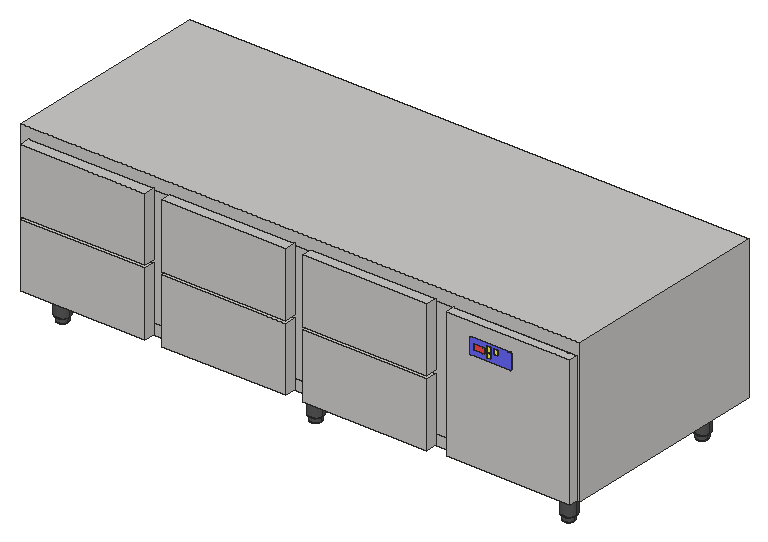
Revit family "QF_CAPIC_REF_W293117", category Equipement spécialisé, Revit 2018
Family settings
  Cote de connecteur circulaire = Utiliser le diamètre
  Type d'élément = Normal
  Numéro OmniClass = 23.40.40.14
  Titre OmniClass = Food Service Equipment
  Basée sur le plan de construction = Non
  Toujours verticalement = Oui
  Couper avec des vides une fois chargée = Non
  Partagée = Non
  Point de calcul de pièce = Non
Parameters (values of type "L=2000mm")
  URL catalogue = "http://www.capic-fr.com/fr/"
  Type de Raccord Plomberie [instance] = ""
  Type de Raccord Electrique [instance] = "Bornier interne"
  Type de Gaz = ""
  Type article [instance] = ""
  Tension = 230 V
  Spécification du Fabricant = ""
  Show Logo = yes
  Remarques evacuation [instance] = "ecoulement condensat sous le meuble"
  Remarques Plomberie [instance] = ""
  Remarques Electricité [instance] = "230V x1 +T"
  Puissance électrique  = 860 W
  Puissance Gaz kW = 0
  Profondeur hors tout = 755 mm
  Pression Maximum Eau Adoucie = 0.0 Pa
  Poids net à vide = 200.00 kg
  Phase = 1
  Modèle = "W293117"
  Longueur hors tout = 2000 mm
  Intensité nominale = 0 A
  Hauteur hors tout = 630 mm
  Hauteur de Raccordement du Sol Finis = 195 mm
  Hauteur de Raccordement Gaz du Sol Finis = 0 mm
  Hauteur de Raccordement Evacuation Directe du Sol Finis = 0 mm
  Hauteur de Raccordement Eau Froide du Sol Finis = 0 mm
  Hauteur de Raccordement Eau Chaude du Sol Finis = 0 mm
  Hauteur de Raccordement Eau Adoucie du Sol Finis = 0 mm
  Fréquence = 50 Hz
  Fabricant = "CAPIC"
  Débit d'air d'extraction = 0.0 m³/h
  Débit Gaz = 0.0 L/s
  Débit Eau Froide = 0.0 L/s
  Débit Eau Chaude = 0.0 L/s
  Débit Eau Adoucie = 0.0 L/s
  Diamètre de Raccordement Gaz = 0 mm
  Diamètre de Raccordement Evacuation = 20 mm
  Diamètre de Raccordement Eau Froide = 0 mm
  Diamètre de Raccordement Eau Chaude = 0 mm
  Diamètre de Raccordement Eau Adoucie = 0 mm
  Description = "6 tiroirs refigérés + groupe"
  Assembly Code = ""
  Classification  Omniclass nombre et titre = "23.40.40.14"
Reference planes
  plane 1 "Centre (avant/arrière)": y = 0
  plane 2: z = 0
  plane 3 "Centre (gauche/droite)": x = 0
  plane 4 "Centre G/E": y = 0
  plane 5: y = -838
  plane 6: x = 2000
  plane 7: x = 1998
  plane 8: x = 2
  plane 9: x = 1965
  plane 10: y = -818
  plane 11: x = 1958
  plane 12: y = -223
  plane 13: y = -820
  plane 14: z = 141
  plane 15: x = 42
  plane 16: x = 35
  plane 17: y = -182
  plane 18: z = 621
  plane 19: z = 120
  plane 20: y = -83
Forms (mm)
  Extrusion 1, solid, material "QF_Stainless Steel-Brushed"
    sketch origin (1480, 0, 0) x (1, 0, 0) y (0, 0, 1)
      loop
        line (-1480, 630) -> (-1480, 120) -> (520, 120) -> (520, 630) -> (-1480, 630)
    from 838 to 83
  Extrusion 2, void
    sketch origin (1480, 0, 0) x (1, 0, 0) y (0, 0, 1)
      loop
        line (-1445, 155.456) -> (485, 155.456) -> (485, 585.456) -> (-1445, 585.456) -> (-1445, 155.456)
    from 838 to 182
  Extrusion 3, void
    sketch origin (1480, 0, 0) x (1, 0, 0) y (0, 1, 0)
      loop
        line (-1445, -182) -> (-1445, -820) -> (485, -820) -> (485, -182) -> (-1445, -182)
    from 120 to 141
  Extrusion 4, solid, material "QF_Stainless Steel-Brushed"
    sketch origin (1480, -838, 0) x (1, 0, 0) y (0, 0, 1)
      loop
        line (-1445, 585.456) -> (-1445, 155.456) -> (485, 155.456) -> (485, 585.456) -> (-1445, 585.456)
    from 0 to -1
  Extrusion 5, solid, material "QF_Stainless Steel-Brushed"
    sketch origin (1480, -838, 0) x (1, 0, 0) y (0, 0, 1)
      loop
        line (70, 585) -> (70, 120) -> (510, 120) -> (510, 585) -> (70, 585)
    from 0 to 30
  Extrusion 6, solid, material "QF_Stainless Steel-Brushed"
    sketch origin (1415.16, -838, 19.9) x (1, 0, 0) y (0, 0, 1)
      loop
        line (-1385.66, 570.1) -> (-1385.66, 340.1) -> (-940.66, 340.1) -> (-940.66, 570.1) -> (-1385.66, 570.1)
    from 0 to 40
  Extrusion 7, solid, material "QF_Stainless Steel-Brushed"
    sketch origin (1415.16, -838, -220.1) x (1, 0, 0) y (0, 0, 1)
      loop
        line (-1385.66, 570.1) -> (-1385.66, 340.1) -> (-940.66, 340.1) -> (-940.66, 570.1) -> (-1385.66, 570.1)
    from 0 to 40
  Extrusion 8, solid, material "QF_Stainless Steel-Brushed"
    sketch origin (1920.16, -838, 19.9) x (1, 0, 0) y (0, 0, 1)
      loop
        line (-1385.66, 570.1) -> (-1385.66, 340.1) -> (-940.66, 340.1) -> (-940.66, 570.1) -> (-1385.66, 570.1)
    from 0 to 40
  Extrusion 9, solid, material "QF_Stainless Steel-Brushed"
    sketch origin (1920.16, -838, -220.1) x (1, 0, 0) y (0, 0, 1)
      loop
        line (-1385.66, 570.1) -> (-1385.66, 340.1) -> (-940.66, 340.1) -> (-940.66, 570.1) -> (-1385.66, 570.1)
    from 0 to 40
  Extrusion 10, solid, material "QF_Stainless Steel-Brushed"
    sketch origin (2425.16, -838, 19.9) x (1, 0, 0) y (0, 0, 1)
      loop
        line (-1385.66, 570.1) -> (-1385.66, 340.1) -> (-940.66, 340.1) -> (-940.66, 570.1) -> (-1385.66, 570.1)
    from 0 to 40
  Extrusion 11, solid, material "QF_Stainless Steel-Brushed"
    sketch origin (2425.16, -838, -220.1) x (1, 0, 0) y (0, 0, 1)
      loop
        line (-1385.66, 570.1) -> (-1385.66, 340.1) -> (-940.66, 340.1) -> (-940.66, 570.1) -> (-1385.66, 570.1)
    from 0 to 40
Cuts and joins
  Extrusion 2, Extrusion 3 cuts Extrusion 1
Lines and regions (mm)
  model lines
    curve 1: line (197, -878, 570) -> (307, -878, 570)
    curve 2: line (197, -878, 515) -> (197, -878, 570)
    curve 3: line (307, -878, 515) -> (197, -878, 515)
    curve 4: line (307, -878, 570) -> (307, -878, 515)
    curve 5: line (300, -878, 563) -> (204, -878, 563)
    curve 6: line (204, -878, 563) -> (204, -878, 522)
    curve 7: line (300, -878, 522) -> (300, -878, 563)
    curve 8: line (204, -878, 522) -> (300, -878, 522)
    curve 9: line (197, -878, 330) -> (307, -878, 330)
    curve 10: line (197, -878, 275) -> (197, -878, 330)
    curve 11: line (307, -878, 275) -> (197, -878, 275)
    curve 12: line (307, -878, 330) -> (307, -878, 275)
    curve 13: line (300, -878, 323) -> (204, -878, 323)
    curve 14: line (204, -878, 323) -> (204, -878, 282)
    curve 15: line (300, -878, 282) -> (300, -878, 323)
    curve 16: line (204, -878, 282) -> (300, -878, 282)
    curve 17: line (1570, -868, 361.312) -> (1970, -868, 361.312)
    curve 18: line (1570, -868, 140) -> (1570, -868, 361.312)
    curve 19: line (1970, -868, 140) -> (1570, -868, 140)
    curve 20: line (1970, -868, 361.312) -> (1970, -868, 140)
    curve 21: line (1570, -868, 346.312) -> (1970, -868, 346.312)
    curve 22: line (1570, -868, 331.312) -> (1970, -868, 331.312)
    curve 23: line (1570, -868, 316.312) -> (1970, -868, 316.312)
    curve 24: line (1570, -868, 301.312) -> (1970, -868, 301.312)
    curve 25: line (1570, -868, 286.312) -> (1970, -868, 286.312)
    curve 26: line (1570, -868, 271.312) -> (1970, -868, 271.312)
    curve 27: line (1570, -868, 256.312) -> (1970, -868, 256.312)
    curve 28: line (1570, -868, 241.312) -> (1970, -868, 241.312)
    curve 29: line (1570, -868, 226.312) -> (1970, -868, 226.312)
    curve 30: line (1570, -868, 211.312) -> (1970, -868, 211.312)
    curve 31: line (1570, -868, 196.312) -> (1970, -868, 196.312)
    curve 32: line (1570, -868, 181.312) -> (1970, -868, 181.312)
    curve 33: line (1570, -868, 166.312) -> (1970, -868, 166.312)
    curve 34: line (1570, -868, 151.312) -> (1970, -868, 151.312)
    curve 35: line (702, -878, 570) -> (812, -878, 570)
    curve 36: line (702, -878, 515) -> (702, -878, 570)
    curve 37: line (812, -878, 515) -> (702, -878, 515)
    curve 38: line (812, -878, 570) -> (812, -878, 515)
    curve 39: line (805, -878, 563) -> (709, -878, 563)
    curve 40: line (709, -878, 563) -> (709, -878, 522)
    curve 41: line (805, -878, 522) -> (805, -878, 563)
    curve 42: line (709, -878, 522) -> (805, -878, 522)
    curve 43: line (702, -878, 330) -> (812, -878, 330)
    curve 44: line (702, -878, 275) -> (702, -878, 330)
    curve 45: line (812, -878, 275) -> (702, -878, 275)
    curve 46: line (812, -878, 330) -> (812, -878, 275)
    curve 47: line (805, -878, 323) -> (709, -878, 323)
    curve 48: line (709, -878, 323) -> (709, -878, 282)
    curve 49: line (805, -878, 282) -> (805, -878, 323)
    curve 50: line (709, -878, 282) -> (805, -878, 282)
    curve 51: line (1207, -878, 570) -> (1317, -878, 570)
    curve 52: line (1207, -878, 515) -> (1207, -878, 570)
    curve 53: line (1317, -878, 515) -> (1207, -878, 515)
    curve 54: line (1317, -878, 570) -> (1317, -878, 515)
    curve 55: line (1310, -878, 563) -> (1214, -878, 563)
    curve 56: line (1214, -878, 563) -> (1214, -878, 522)
    curve 57: line (1310, -878, 522) -> (1310, -878, 563)
    curve 58: line (1214, -878, 522) -> (1310, -878, 522)
    curve 59: line (1207, -878, 330) -> (1317, -878, 330)
    curve 60: line (1207, -878, 275) -> (1207, -878, 330)
    curve 61: line (1317, -878, 275) -> (1207, -878, 275)
    curve 62: line (1317, -878, 330) -> (1317, -878, 275)
    curve 63: line (1310, -878, 323) -> (1214, -878, 323)
    curve 64: line (1214, -878, 323) -> (1214, -878, 282)
    curve 65: line (1310, -878, 282) -> (1310, -878, 323)
    curve 66: line (1214, -878, 282) -> (1310, -878, 282)
Dimensions and locks
  locked: plane 9 to plane 6 at 35
  locked: plane 10 to plane 5 at 20
  "Profondeur hors tout": plane 5 to plane 20
  locked: plane 12 to plane 13 at 597
  locked: plane 7 to plane 6 at 2
  locked: plane 3 "Centre (gauche/droite)" to plane 8 at 2
  "Longueur hors tout": plane 3 "Centre (gauche/droite)" to plane 6
  locked: plane 3 "Centre (gauche/droite)" to plane 16 at 35
  locked: plane 13 to plane 5 at 18
  locked: plane 3 "Centre (gauche/droite)" to plane 15 at 42
  locked: plane 11 to plane 6 at 42
  locked: plane 17 to plane 5 at 656
  plane 14 to plane 19 to plane 2 = 21 mm locked, 120 mm locked
  locked: plane 20 to plane 4 "Centre G/E" at 83
  aligned and locked: level to plane 2
  aligned and locked: Extrusion 1 to Extrusion 2
  aligned and locked: cut or joined group of Extrusion 1, Extrusion 2, Extrusion 3 to plane 5
  aligned and locked: nested 1 to plane 14
  aligned and locked: nested 2 to plane 14
  aligned and locked: nested 2 to plane 13
  aligned and locked: nested 2 to plane 15
  aligned and locked: nested 1 to plane 15
  aligned and locked: nested 1 to plane 12
  aligned and locked: nested 3 to plane 11
  aligned and locked: nested 4 to plane 11
  aligned and locked: plane 13 to nested 4
  aligned and locked: Extrusion 3 to plane 13
  aligned and locked: plane 17 to cut or joined group of Extrusion 1, Extrusion 2, Extrusion 3
  aligned and locked: plane 12 to nested 3
  aligned and locked: cut or joined group of Extrusion 1, Extrusion 2, Extrusion 3 to plane 17
  aligned and locked: cut or joined group of Extrusion 1, Extrusion 2, Extrusion 3 to plane 20
  aligned and locked: plane 16 to Extrusion 4 sketch curve
  aligned and locked: Extrusion 5 sketch curve to plane 19
Automatic sketch dimensions
  Extrusion 1 sketch curve to plane 3 "Centre (gauche/droite)" = 0 mm
  Extrusion 1 sketch curve to plane 6 = 0 mm
  Extrusion 1 sketch curve to plane 19 = 0 mm
  plane 18 to Extrusion 1 sketch curve = 9 mm
  Extrusion 2 sketch curve to plane 16 = 0 mm
  Extrusion 2 sketch curve to plane 9 = 0 mm
  Extrusion 2 sketch curve to plane 14 = 14.456 mm
  Extrusion 2 sketch curve to plane 18 = 35.544 mm
  Extrusion 3 sketch curve to plane 13 = 0 mm
  Extrusion 3 sketch curve to plane 16 = 0 mm
  Extrusion 3 sketch curve to plane 9 = 0 mm
  Extrusion 3 sketch curve to plane 17 = 0 mm
  Extrusion 4 sketch curve to Extrusion 1 = 35 mm
  Extrusion 4 sketch curve to Extrusion 1 = 35.456 mm
  Extrusion 4 sketch curve to Extrusion 1 = 44.544 mm
  Extrusion 5 sketch curve to Extrusion 4 = 415 mm
  Extrusion 4 to Extrusion 5 sketch curve = 25 mm
  Extrusion 5 sketch curve to Extrusion 4 = 0.456 mm
  Extrusion 6 sketch curve to Extrusion 1 = 29.5 mm
  Extrusion 6 sketch curve to Extrusion 6 sketch curve = 445 mm
  Extrusion 6 sketch curve to Extrusion 1 = 240 mm
  Extrusion 6 sketch curve to Extrusion 1 = 40 mm
  curve 1 to Extrusion 6 = 20 mm
  curve 1 to Extrusion 6 = 167.5 mm
  curve 2 to curve 8 = 7 mm
  curve 5 to Extrusion 6 = 27 mm
  curve 5 to curve 5 = 96 mm
  curve 7 to curve 3 = 7 mm
  curve 6 to curve 5 = 41 mm
  curve 3 to curve 6 = 7 mm
  Extrusion 7 sketch curve to Extrusion 1 = 0 mm
  Extrusion 7 sketch curve to Extrusion 1 = 29.5 mm
  Extrusion 7 sketch curve to Extrusion 7 sketch curve = 445 mm
  Extrusion 7 sketch curve to Extrusion 7 sketch curve = 230 mm
  curve 9 to Extrusion 7 = 20 mm
  curve 9 to Extrusion 7 = 167.5 mm
  curve 10 to curve 16 = 7 mm
  curve 13 to Extrusion 7 = 27 mm
  curve 13 to curve 13 = 96 mm
  curve 15 to curve 11 = 7 mm
  curve 14 to curve 13 = 41 mm
  curve 11 to curve 14 = 7 mm
  curve 17 to Extrusion 5 = 20 mm
  curve 20 to Extrusion 5 = 20 mm
  curve 19 to Extrusion 5 = 20 mm
  curve 18 to curve 18 = 221.312 mm
  curve 18 to curve 34 = 11.312 mm
  curve 34 to curve 33 = 15 mm
  curve 33 to curve 32 = 15 mm
  curve 32 to curve 31 = 15 mm
  curve 31 to curve 30 = 15 mm
  curve 30 to curve 29 = 15 mm
  curve 29 to curve 28 = 15 mm
  curve 28 to curve 27 = 15 mm
  curve 27 to curve 26 = 15 mm
  curve 26 to curve 25 = 15 mm
  curve 25 to curve 24 = 15 mm
  curve 24 to curve 23 = 15 mm
  curve 23 to curve 22 = 15 mm
  curve 21 to curve 17 = 15 mm
  Extrusion 8 sketch curve to Extrusion 1 = 240 mm
  Extrusion 8 sketch curve to Extrusion 1 = 534.5 mm
  Extrusion 8 sketch curve to Extrusion 8 sketch curve = 445 mm
  Extrusion 8 sketch curve to Extrusion 1 = 40 mm
  curve 35 to Extrusion 8 = 20 mm
  curve 35 to Extrusion 8 = 167.5 mm
  curve 36 to curve 42 = 7 mm
  curve 39 to Extrusion 8 = 27 mm
  curve 39 to curve 39 = 96 mm
  curve 41 to curve 37 = 7 mm
  curve 40 to curve 39 = 41 mm
  curve 37 to curve 40 = 7 mm
  Extrusion 9 sketch curve to Extrusion 1 = 0 mm
  Extrusion 9 sketch curve to Extrusion 1 = 534.5 mm
  Extrusion 9 sketch curve to Extrusion 9 sketch curve = 445 mm
  Extrusion 9 sketch curve to Extrusion 9 sketch curve = 230 mm
  curve 43 to Extrusion 9 = 20 mm
  curve 43 to Extrusion 9 = 167.5 mm
  curve 44 to curve 50 = 7 mm
  curve 47 to Extrusion 9 = 27 mm
  curve 47 to curve 47 = 96 mm
  curve 49 to curve 45 = 7 mm
  curve 48 to curve 47 = 41 mm
  curve 45 to curve 48 = 7 mm
  Extrusion 10 sketch curve to Extrusion 1 = 240 mm
  Extrusion 10 sketch curve to Extrusion 1 = 960.5 mm
  Extrusion 10 sketch curve to Extrusion 10 sketch curve = 445 mm
  Extrusion 10 sketch curve to Extrusion 1 = 40 mm
  curve 51 to Extrusion 10 = 20 mm
  curve 51 to Extrusion 10 = 167.5 mm
  curve 52 to curve 58 = 7 mm
  curve 55 to Extrusion 10 = 27 mm
  curve 55 to curve 55 = 96 mm
  curve 57 to curve 53 = 7 mm
  curve 56 to curve 55 = 41 mm
  curve 53 to curve 56 = 7 mm
  Extrusion 11 sketch curve to Extrusion 1 = 0 mm
  Extrusion 11 sketch curve to Extrusion 1 = 960.5 mm
  Extrusion 11 sketch curve to Extrusion 11 sketch curve = 445 mm
  Extrusion 11 sketch curve to Extrusion 11 sketch curve = 230 mm
  curve 59 to Extrusion 11 = 20 mm
  curve 59 to Extrusion 11 = 167.5 mm
  curve 60 to curve 66 = 7 mm
  curve 63 to Extrusion 11 = 27 mm
  curve 63 to curve 63 = 96 mm
  curve 65 to curve 61 = 7 mm
  curve 64 to curve 63 = 41 mm
  curve 61 to curve 64 = 7 mm
Nested families
  nested 1: "QF_Details_Pied" at (93.5, -223, 0), type "QF_Details_Pied"
  nested 2: "QF_Details_Pied" at (93.5, -820, 0), type "QF_Details_Pied"
  nested 3: "QF_Details_Pied" at (1906.5, -223, 0), type "QF_Details_Pied"
  nested 4: "QF_Details_Pied" at (1906.5, -820, 0), type "QF_Details_Pied"
  nested 5: "QF_Details_CarteCdeDroit" at (1630, -11, -240), type "QF_Details_CarteCdeDroit"
  nested 6: "QF_Details_Pied" at (1000, -223, 0), type "QF_Details_Pied"
  nested 7: "QF_Details_Pied" at (1000, -820, 0), type "QF_Details_Pied"
Connectors
  piping at (750, -553, 141), diameter 20
    settings: on Extrusion 3, index 1, connector inside diameter 609.6 mm, connector length 0 mm, flow factor 0, pipe flow 0.0 L/s, pressure drop 0.0 Pa, fitting loss kfactor 0, connector angle 0.00°, fixture units 0, engagement length 0 mm, angle of deflection 0.00°, flow configuration 0, flow direction 0, fitting loss method 0, system type 16, joint type 0, gender type 0, connector reference index -1, connector utility 0, adjustable connector no, is connector primary yes, connector description ""
  electrical at (1762, -83, 195), driven by "Puissance électrique ", driven by "Tension"
    settings: on plane 20, index 2, voltage 230 V, apparent load 0.86 kW, apparent load phase1 0 kW, apparent load phase2 0 kW, apparent load phase3 0 kW, power factor 1, load classification "Autre", number of poles 2, system type 30, power factor state 1, is connector primary yes, connector utility no, sub classification motor no, connector description ""
Definition of nested family "QF_Details_Pied"
  Reference planes
    plane 1 "Centre (avant/arrière)": y = 0
    plane 2: z = 0
    plane 3 "Centre (gauche/droite)": x = 0
  Forms (mm)
    Extrusion 1, solid
      sketch origin (-137.492, 51.5, -340.756) x (1, 0, 0) y (0, 0, 1)
        loop
          line (85.992, 481.756) -> (85.992, 472.756) -> (188.992, 472.756) -> (188.992, 481.756) -> (85.992, 481.756)
      from -51.5 to 51.5
    Revolve 2, solid
      sketch origin (0, 51.5, -9) x (1, 0, 0) y (0, 0, 1)
        loop
          line (0, 141) -> (0, 9) -> (19.21, 9) -> (19.21, 13) -> (20.21, 13) -> (20.21, 26) -> (21.71, 26) -> (26.66, 30.95) -> (26.66, 90.95) -> (31.468, 136.698) -> (36.246, 141) -> (0, 141)
        axis (0, 141) -> (0, 9)
      angle from 0 to 360
  Dimensions and locks
    aligned and locked: level to plane 2
    aligned and locked: Extrusion 1 to Revolve 2 sketch curve
Definition of nested family "QF_Details_CarteCdeDroit"
  Reference planes
    plane 1 "Centre (avant/arrière)": y = 0
    plane 2: z = 0
    plane 3 "Centre (gauche/droite)": x = 0
  Forms (mm)
    Extrusion 1, solid
      sketch origin (0, -857, -12.998) x (1, 0, 0) y (0, 0, 1)
        loop
          arc (7, 787.388) -> (2.05, 785.338) -> (0, 780.388) r 7
          line (0, 780.388) -> (0, 735.388)
          arc (0, 735.388) -> (2.05, 730.439) -> (7, 728.388) r 7
          line (7, 728.388) -> (145, 728.388)
          arc (145, 728.388) -> (149.95, 730.439) -> (152, 735.388) r 7
          line (152, 735.388) -> (152, 780.388)
          arc (152, 780.388) -> (149.95, 785.338) -> (145, 787.388) r 7
          line (145, 787.388) -> (7, 787.388)
        loop
          line (15, 767.388) -> (15, 748.388) -> (54, 748.388) -> (54, 767.388) -> (15, 767.388)
        loop
          line (74, 776.917) -> (61, 776.917) -> (61, 763.917)
          arc (61, 763.917) -> (62.172, 761.089) -> (65, 759.917) r 4
          line (65, 759.917) -> (78, 759.917) -> (78, 772.917)
          arc (78, 772.917) -> (76.828, 775.745) -> (74, 776.917) r 4
        loop
          line (99, 776.917) -> (86, 776.917) -> (86, 763.917)
          arc (86, 763.917) -> (87.172, 761.089) -> (90, 759.917) r 4
          line (90, 759.917) -> (103, 759.917) -> (103, 772.917)
          arc (103, 772.917) -> (101.828, 775.745) -> (99, 776.917) r 4
        loop
          line (74, 756.917) -> (61, 756.917) -> (61, 743.917)
          arc (61, 743.917) -> (62.172, 741.089) -> (65, 739.917) r 4
          line (65, 739.917) -> (78, 739.917) -> (78, 752.917)
          arc (78, 752.917) -> (76.828, 755.745) -> (74, 756.917) r 4
      from 0 to 0.5
    Extrusion 2, solid
      sketch origin (0, -857, 0) x (1, 0, 0) y (0, 0, 1)
        loop
          line (15, 754.391) -> (15, 735.391) -> (54, 735.391) -> (54, 754.391) -> (15, 754.391)
      from 0 to 0.5
    Extrusion 3, solid
      sketch origin (0, -857, 0) x (1, 0, 0) y (0, 0, 1)
        loop
          line (61, 763.919) -> (61, 750.919)
          arc (61, 750.919) -> (62.172, 748.091) -> (65, 746.919) r 4
          line (65, 746.919) -> (78, 746.919) -> (78, 759.919)
          arc (78, 759.919) -> (76.828, 762.748) -> (74, 763.919) r 4
          line (74, 763.919) -> (61, 763.919)
      from 0 to 0.5
    Extrusion 4, solid
      sketch origin (0, -857, -20) x (1, 0, 0) y (0, 0, 1)
        loop
          line (61, 763.919) -> (61, 750.919)
          arc (61, 750.919) -> (62.172, 748.091) -> (65, 746.919) r 4
          line (65, 746.919) -> (78, 746.919) -> (78, 759.919)
          arc (78, 759.919) -> (76.828, 762.748) -> (74, 763.919) r 4
          line (74, 763.919) -> (61, 763.919)
      from 0 to 0.5
    Extrusion 5, solid
      sketch origin (25, -857, 0) x (1, 0, 0) y (0, 0, 1)
        loop
          line (61, 763.919) -> (61, 750.919)
          arc (61, 750.919) -> (62.172, 748.091) -> (65, 746.919) r 4
          line (65, 746.919) -> (78, 746.919) -> (78, 759.919)
          arc (78, 759.919) -> (76.828, 762.748) -> (74, 763.919) r 4
          line (74, 763.919) -> (61, 763.919)
      from 0 to 0.5
  Dimensions and locks
    aligned and locked: level to plane 2
